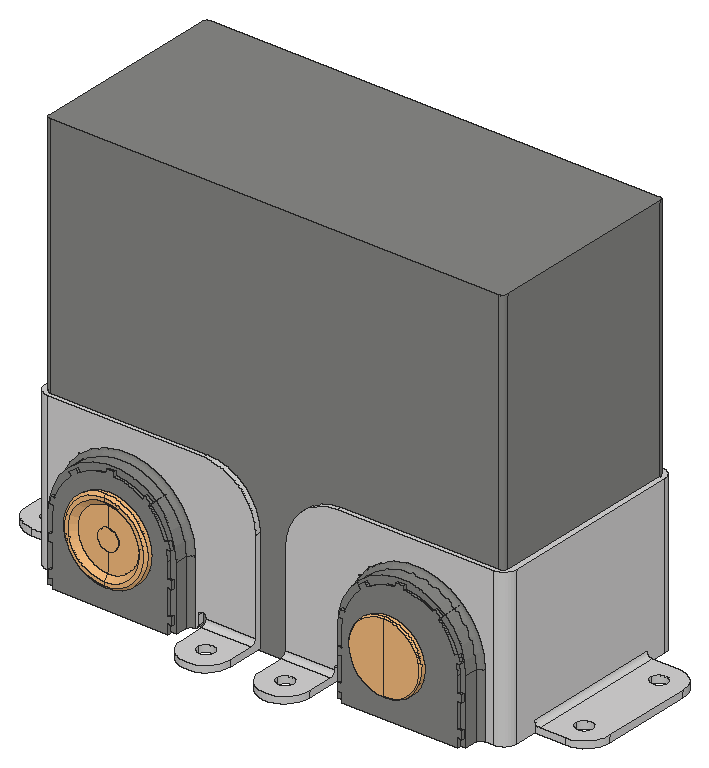
Revit family "Valve-One_Outlet_Thermostatic-KOHLER-26339W_1", category Plumbing Fixtures, host Face, Revit 2017 (continued)
Definition of nested family "26339W"
  Automatic sketch dimensions
    curve 144 to curve 145 = 0.11811"
    curve 109 to curve 110 = 0.11811"
    plane 11 to curve 30 = 0.61024"
    curve 131 to curve 94 = 0.32718"
    curve 118 to curve 118 = 0.04664"
    curve 128 to curve 126 = 0.04664"
    curve 72 to curve 71 = 0.04664"
    curve 60 to curve 62 = 0.04664"
    curve 125 to curve 124 = 0.05918"
    curve 68 to curve 67 = 0.05918"
    curve 93 to curve 206 = 0.84371"
    curve 205 to curve 207 = 0.38428"
    curve 206 to curve 201 = 0.47517"
    curve 207 to curve 202 = 0.47517"
    curve 202 to curve 202 = 1.1811"
    curve 201 to curve 203 = 1.1811"
    curve 158 to plane 8 = 0.37402"
    plane 4 to curve 158 = 0.94488"
    level to curve 38 = 0.01969"
    curve 38 to curve 81 = 0.32315"
    plane 3 "Center (Left/Right)" to curve 205 = 0.00149"
    plane 5 to curve 158 = 0.94488"
    level to curve 103 = 0.01969"
    curve 138 to curve 103 = 0.32315"
    curve 101 to curve 96 = 0.09839"
    curve 30 to curve 36 = 0.09843"
    level to curve 157 = 0.33465"
    level to curve 43 = 0.34445"
    curve 150 to curve 151 = 0.01969"
    curve 42 to curve 44 = 0.03942"
    curve 41 to curve 40 = 0.05704"
    curve 151 to curve 155 = 0.11308"
    curve 40 to curve 46 = 0.07881"
    curve 152 to curve 154 = 0.05913"
    Extrusion 1 sketch curve to plane 19 = 0.15748"  (x2)
    plane 4 to Extrusion 1 sketch curve = 0.94488"
    Extrusion 1 sketch curve to plane 19 = 0.07874"
    Extrusion 1 sketch curve to Extrusion 1 sketch curve = 0.07874"  (x2)
    plane 5 to Extrusion 1 sketch curve = 1.02362"
    plane 20 to Extrusion 1 sketch curve = 0.07874"
    plane 4 to Extrusion 2 sketch curve = 0.84646"
    level to Extrusion 2 sketch curve = 0.01969"  (x4)
    Extrusion 2 sketch curve to plane 17 = 0.54331"
    Extrusion 2 sketch curve to Extrusion 2 sketch curve = 0.05118"  (x2)
    Extrusion 2 sketch curve to Extrusion 2 sketch curve = 0.05906"  (x2)
    Extrusion 2 sketch curve to plane 17 = 0.41339"
    Extrusion 2 sketch curve to plane 3 "Center (Left/Right)" = 0.22638"
    plane 3 "Center (Left/Right)" to Extrusion 2 sketch curve = 0.22638"
    Extrusion 2 sketch curve to plane 18 = 0.37402"
    Extrusion 2 sketch curve to plane 18 = 0.41339"
    plane 5 to Extrusion 2 sketch curve = 0.84646"
    Extrusion 2 sketch curve to Extrusion 2 sketch curve = 0.14564"  (x2)
    plane 11 to Extrusion 2 sketch curve = 0.61024"
    Extrusion 2 sketch curve to Extrusion 2 sketch curve = 0"
    Sweep 3 sketch curve to profile plane = 0"  (x2)
    Sweep 3 sketch curve to profile plane = 0.19685"
    Sweep 4 sketch curve to profile plane = 0"  (x2)
    Sweep 4 sketch curve to profile plane = 0.19685"
    profile plane to Sweep 5 sketch curve = 0"
    Sweep 5 sketch curve to profile plane = 0"
    Sweep 5 sketch curve to profile plane = 0.19685"
    profile plane to Sweep 6 sketch curve = 0"
    Sweep 6 sketch curve to profile plane = 0"
    Sweep 6 sketch curve to profile plane = 0.19685"
    Extrusion 7 sketch curve to Extrusion 7 sketch curve = 0"  (x12)
    Extrusion 7 sketch curve to plane 4 = 0"
    Extrusion 7 sketch curve to plane 15 = 0"  (x2)
    plane 16 to Extrusion 7 sketch curve = 0"  (x2)
    Extrusion 7 sketch curve to plane 19 = 0"  (x2)
    Extrusion 7 sketch curve to plane 20 = 0"  (x2)
    Extrusion 7 sketch curve to plane 17 = 0"  (x2)
    Extrusion 7 sketch curve to plane 18 = 0"  (x2)
    Extrusion 7 sketch curve to plane 5 = 0"
    plane 4 to Extrusion 7 sketch curve = 0.37402"  (x2)
    Extrusion 7 sketch curve to Extrusion 7 sketch curve = 0.47244"
    Extrusion 7 sketch curve to plane 17 = 0.37401"  (x2)
    plane 3 "Center (Left/Right)" to Extrusion 7 sketch curve = 0.22639"  (x2)
    plane 15 to Extrusion 7 sketch curve = 0.35433"
    plane 5 to Extrusion 7 sketch curve = 0.84646"
    plane 5 to Extrusion 7 sketch curve = 0.37402"  (x2)
    plane 14 to Extrusion 7 sketch curve = 0.07874"  (x2)
    plane 16 to Extrusion 7 sketch curve = 0.35433"
    Extrusion 7 sketch curve to Extrusion 7 sketch curve = 0.35433"
    Extrusion 7 sketch curve to plane 15 = 0.01969"
    plane 13 to Extrusion 7 sketch curve = 0.07874"  (x2)
    level to Extrusion 8 sketch curve = 0.01969"  (x2)
    Extrusion 8 sketch curve to plane 10 "1" = 0.95968"
    plane 11 to Extrusion 8 sketch curve = 0.00264"
    plane 10 "1" to Extrusion 8 sketch curve = 0.01473"
    plane 11 to Extrusion 8 sketch curve = 0.00659"
    Extrusion 8 sketch curve to plane 18 = 0.62008"
    Extrusion 8 sketch curve to plane 9 "2" = 0.17717"
    Extrusion 9 sketch curve to Extrusion 9 sketch curve = 0"  (x66)
    Extrusion 9 sketch curve to level = 0"  (x2)
    Extrusion 9 sketch curve to plane 11 = 0"  (x3)
    Extrusion 9 sketch curve to plane 10 "1" = 0"
    plane 9 "2" to Extrusion 9 sketch curve = 0"
    Extrusion 9 sketch curve to plane 12 "A" = 0"
    Extrusion 9 sketch curve to plane 10 "1" = 0.04432"
    Extrusion 9 sketch curve to Extrusion 9 sketch curve = 0.43249"  (x3)
    Extrusion 9 sketch curve to Extrusion 9 sketch curve = 0.03644"  (x8)
    Extrusion 9 sketch curve to Extrusion 9 sketch curve = 0.09307"  (x4)
    plane 11 to Extrusion 9 sketch curve = 0.26874"  (x4)
    Extrusion 9 sketch curve to Extrusion 9 sketch curve = 0.24912"  (x3)
    plane 11 to Extrusion 9 sketch curve = 0.15414"  (x3)
    Extrusion 9 sketch curve to Extrusion 9 sketch curve = 0.02857"  (x4)
    Extrusion 9 sketch curve to Extrusion 9 sketch curve = 0.01367"
    plane 11 to Extrusion 9 sketch curve = 0.28306"  (x4)
    Extrusion 9 sketch curve to Extrusion 9 sketch curve = 0.05742"  (x3)
    Extrusion 9 sketch curve to Extrusion 9 sketch curve = 0.05906"  (x9)
    plane 10 "1" to Extrusion 9 sketch curve = 0.07379"
    Extrusion 9 sketch curve to plane 17 = 0.7185"
    plane 12 "A" to Extrusion 9 sketch curve = 0.1378"
    Extrusion 9 sketch curve to plane 18 = 0.65945"
    plane 11 to Extrusion 9 sketch curve = 0.16845"
    Extrusion 9 sketch curve to Extrusion 9 sketch curve = 0.0153"
    level to Extrusion 9 sketch curve = 1.13839"
    plane 9 "2" to Extrusion 9 sketch curve = 0.44389"
    Extrusion 9 sketch curve to plane 9 "2" = 0.11811"
    Extrusion 9 sketch curve to Extrusion 9 sketch curve = 0.11811"  (x9)
    Extrusion 9 sketch curve to Extrusion 9 sketch curve = 0.1378"  (x3)
    level to Extrusion 9 sketch curve = 0.1378"
    plane 12 "A" to Extrusion 9 sketch curve = 0.25591"  (x3)
    Extrusion 9 sketch curve to Extrusion 9 sketch curve = 0.04664"  (x4)
    Extrusion 9 sketch curve to Extrusion 9 sketch curve = 0.05918"  (x2)
    Revolve 10 sketch curve to plane 11 = 0"  (x3)
    Revolve 10 sketch curve to plane 14 = 0"
    Revolve 10 sketch curve to plane 13 = 0"
    Revolve 10 sketch curve to plane 13 = 0.07881"
    plane 11 to Revolve 10 sketch curve = 0.46454"  (x2)
    Revolve 10 sketch curve to plane 14 = 0.07881"
    Revolve 10 sketch curve to Revolve 10 sketch curve = 0.07881"  (x2)
    Revolve 10 sketch curve to Revolve 10 sketch curve = 0.05704"  (x2)
    Revolve 10 sketch curve to Revolve 10 sketch curve = 0.03942"
    Revolve 10 sketch curve to plane 19 = 0.07874"
    Revolve 10 sketch curve to Revolve 10 sketch curve = 0.17527"
    Revolve 10 sketch curve to plane 13 = 0.03942"
    plane 20 to Revolve 10 sketch curve = 0.07874"
    Revolve 10 sketch curve to plane 14 = 0.03942"
    plane 6 to Revolve 10 sketch curve = 0.19685"
    Revolve 10 sketch curve to Revolve 10 sketch curve = 0.07874"
    plane 12 "A" to Revolve 11 sketch curve = 0"  (x3)
    Revolve 11 sketch curve to plane 13 = 0.01969"
    Revolve 11 sketch curve to plane 14 = 0.01969"
    plane 11 to Revolve 11 sketch curve = 0.43307"
    Revolve 11 sketch curve to plane 14 = 0.04488"
    Revolve 11 sketch curve to Revolve 11 sketch curve = 0.01969"  (x2)
    Revolve 11 sketch curve to Revolve 11 sketch curve = 0.0252"
    plane 19 to Revolve 11 sketch curve = 0.01969"
    Revolve 11 sketch curve to plane 20 = 0.01969"
    Revolve 11 sketch curve to Revolve 11 sketch curve = 0.07382"
    Revolve 11 sketch curve to Revolve 11 sketch curve = 0"
    Sweep 12 sketch curve to profile plane = 0"
    profile plane to Sweep 12 sketch curve = 0"
    profile plane to Sweep 12 sketch curve = 0.07874"
    profile plane to Sweep 13 sketch curve = 0"
    Sweep 13 sketch curve to profile plane = 0"
    Sweep 13 sketch curve to Sweep 13 sketch curve = 0.07874"
    Sweep 14 sketch curve to profile plane = 0"
    profile plane to Sweep 14 sketch curve = 0"
    profile plane to Sweep 14 sketch curve = 0.07874"
    profile plane to Sweep 15 sketch curve = 0"
    Sweep 15 sketch curve to profile plane = 0"
    Sweep 15 sketch curve to Sweep 15 sketch curve = 0.07874"
    plane 20 to Extrusion 16 sketch curve = 0.15748"
    plane 4 to Extrusion 16 sketch curve = 0.94488"
    Extrusion 16 sketch curve to Extrusion 16 sketch curve = 0.07874"  (x2)
    plane 20 to Extrusion 16 sketch curve = 0.07874"
    Extrusion 16 sketch curve to plane 19 = 0.07874"
    plane 5 to Extrusion 16 sketch curve = 1.02362"  (x2)
    level to Extrusion 17 sketch curve = 0.11811"  (x2)
    plane 4 to Extrusion 17 sketch curve = 0.76772"
    Extrusion 17 sketch curve to Extrusion 17 sketch curve = 0.07874"  (x2)
    plane 5 to Extrusion 17 sketch curve = 0.84646"
    Extrusion 18 sketch curve to plane 20 = 0"
    Extrusion 18 sketch curve to plane 19 = 0"
    Extrusion 18 sketch curve to plane 20 = 0.07874"
    Extrusion 18 sketch curve to Extrusion 18 sketch curve = 0.07874"
    level to Extrusion 18 sketch curve = 0.11811"  (x2)
    Extrusion 19 sketch curve to plane 20 = 0"
    Extrusion 19 sketch curve to plane 19 = 0"
    Extrusion 19 sketch curve to plane 20 = 0.07874"
    Extrusion 19 sketch curve to Extrusion 19 sketch curve = 0.07874"
    level to Extrusion 19 sketch curve = 0.11811"  (x2)
    Masking region 1 sketch curve to plane 20 = 0"
    Masking region 1 sketch curve to plane 19 = 0"
    plane 20 to Masking region 1 sketch curve = 0.19685"
    Masking region 1 sketch curve to Masking region 1 sketch curve = 0.19685"  (x2)
    Masking region 1 sketch curve to plane 19 = 0.19685"
    Masking region 2 sketch curve to plane 4 = 0"
    Masking region 2 sketch curve to level = 0"
    Masking region 2 sketch curve to plane 8 = 0"
    plane 5 to Masking region 2 sketch curve = 0"
    level to Masking region 2 sketch curve = 0.11811"  (x2)
    plane 4 to Masking region 2 sketch curve = 0.76772"
    plane 4 to Masking region 2 sketch curve = 0.84646"
    level to Masking region 2 sketch curve = 0.01969"  (x2)
    Masking region 2 sketch curve to Masking region 2 sketch curve = 0.15104"
    Masking region 2 sketch curve to Masking region 2 sketch curve = 0.02612"  (x2)
    plane 4 to Masking region 2 sketch curve = 0.94488"
    plane 5 to Masking region 2 sketch curve = 0.94488"  (x2)
    Masking region 2 sketch curve to Masking region 2 sketch curve = 0.0723"
    Masking region 2 sketch curve to Masking region 2 sketch curve = 0.07874"
    plane 11 to Masking region 2 sketch curve = 1.39764"  (x2)
    Masking region 3 sketch curve to plane 8 = 0"
    Masking region 3 sketch curve to plane 19 = 0"
    Masking region 3 sketch curve to plane 20 = 0"
    Masking region 3 sketch curve to plane 13 = 0"
    Masking region 3 sketch curve to plane 14 = 0"
    Masking region 3 sketch curve to plane 6 = 0"
    Masking region 3 sketch curve to plane 7 = 0"
    Masking region 3 sketch curve to level = 0"
    plane 11 to Masking region 3 sketch curve = 1.39764"  (x2)
    plane 20 to Masking region 3 sketch curve = 0.07874"
    Masking region 3 sketch curve to Masking region 3 sketch curve = 0.33789"  (x2)
    Masking region 3 sketch curve to Masking region 3 sketch curve = 0.07874"  (x3)
    Masking region 3 sketch curve to Masking region 3 sketch curve = 0.04783"  (x2)
    Masking region 3 sketch curve to plane 13 = 0.05906"
    Masking region 3 sketch curve to Masking region 3 sketch curve = 0.27373"
    Masking region 3 sketch curve to plane 14 = 0.09843"
    Masking region 3 sketch curve to Masking region 3 sketch curve = 0.29337"
    Masking region 3 sketch curve to Masking region 3 sketch curve = 0.05906"
    Masking region 3 sketch curve to Masking region 3 sketch curve = 0.03942"
    level to Masking region 3 sketch curve = 0.38387"  (x2)
    Masking region 3 sketch curve to plane 13 = 0.01969"
    Masking region 3 sketch curve to Masking region 3 sketch curve = 0.02954"
    Masking region 3 sketch curve to plane 14 = 0.04488"
    Masking region 3 sketch curve to Masking region 3 sketch curve = 0.04922"
    Masking region 3 sketch curve to Masking region 3 sketch curve = 0.03076"
    Masking region 3 sketch curve to Masking region 3 sketch curve = 0.11811"
    level to Masking region 3 sketch curve = 0.11811"
    level to Masking region 3 sketch curve = 0.01969"  (x2)
    Masking region 3 sketch curve to plane 13 = 0.03293"
    Masking region 3 sketch curve to Masking region 3 sketch curve = 0.02612"  (x2)
    Masking region 3 sketch curve to Masking region 3 sketch curve = 0.03937"  (x2)
    Masking region 3 sketch curve to plane 19 = 0.07874"
    Masking region 3 sketch curve to Masking region 3 sketch curve = 0.05354"
    Masking region 3 sketch curve to plane 14 = 0.05906"
    Masking region 3 sketch curve to plane 14 = 0.03942"
    curve 182 to plane 20 = 0"
    curve 159 to plane 19 = 0"
    curve 179 to plane 13 = 0"
    curve 198 to plane 14 = 0"
    curve 166 to plane 1 "Center (Front/Back)" = 0"
    curve 167 to level = 0"
    curve 165 to level = 0"
    curve 184 to level = 0"
    curve 186 to level = 0"
    level to curve 185 = 0.01969"
    curve 198 to plane 14 = 0.03942"
    curve 198 to curve 183 = 0.32476"
    plane 11 to curve 163 = 1.39764"
    curve 166 to plane 13 = 0.1378"
    curve 185 to plane 14 = 0.1378"
    level to curve 199 = 0.01969"
    curve 181 to curve 165 = 0.01969"
    curve 161 to curve 162 = 0.09843"
    curve 187 to curve 199 = 0.11811"
    curve 168 to plane 13 = 0.05906"
    curve 168 to curve 181 = 0.11811"
    curve 200 to curve 188 = 0.08854"
    curve 169 to curve 168 = 0.11811"
    curve 178 to plane 13 = 0.03942"
    curve 178 to curve 169 = 0.083"
    curve 179 to curve 178 = 0.00554"
    curve 198 to curve 197 = 0.03942"
    curve 179 to curve 179 = 0.03942"
    curve 170 to curve 179 = 0.24605"
    curve 189 to plane 14 = 0.09843"
    plane 12 "A" to curve 189 = 0.25591"
    curve 190 to curve 189 = 0.11811"
    curve 171 to curve 170 = 0.11811"
    plane 11 to curve 191 = 0.15414"
    plane 11 to curve 172 = 0.15414"
    curve 192 to curve 191 = 0.01432"
    curve 173 to curve 172 = 0.01432"
    curve 174 to curve 173 = 0.1146"
    curve 193 to curve 192 = 0.1146"
    curve 197 to curve 193 = 0.35675"
    curve 178 to curve 174 = 0.35675"
    curve 175 to curve 178 = 0.01255"
    curve 194 to curve 197 = 0.01255"
    curve 195 to curve 194 = 0.04664"
    curve 176 to curve 175 = 0.04664"
    curve 177 to curve 176 = 0.07272"
    curve 196 to curve 195 = 0.07272"
    curve 184 to curve 196 = 0.16146"
    curve 165 to curve 177 = 0.16146"
    curve 164 to curve 165 = 0.04783"
    curve 183 to curve 184 = 0.04783"
    curve 180 to plane 19 = 0.07874"
    curve 180 to plane 8 = 0.26084"
    plane 13 to curve 181 = 0.12123"
    curve 167 to plane 19 = 0.05063"
    curve 167 to curve 167 = 0.02811"
    plane 15 to curve 160 = 0.35433"
    plane 16 to curve 162 = 0.35433"
    plane 20 to curve 186 = 0.07874"
    plane 20 to curve 180 = 0.07874"
    curve 186 to curve 186 = 0.02811"
    plane 14 to curve 199 = 0.12123"
    Extrusion 20 sketch curve to plane 19 = 0.07874"
    plane 4 to Extrusion 20 sketch curve = 0.94488"
    plane 20 to Extrusion 20 sketch curve = 0.07874"
    plane 5 to Extrusion 20 sketch curve = 0.94488"
    Extrusion 21 sketch curve to level = 0"  (x2)
    Extrusion 21 sketch curve to plane 10 "1" = 0.86125"
    plane 11 to Extrusion 21 sketch curve = 0.00545"  (x2)
    plane 10 "1" to Extrusion 21 sketch curve = 0.01473"
    plane 9 "2" to Extrusion 21 sketch curve = 0.69882"
    Extrusion 21 sketch curve to plane 9 "2" = 0.17717"
    Extrusion 22 sketch curve to plane 20 = 0"  (x2)
    Extrusion 22 sketch curve to plane 19 = 0"  (x2)
    plane 4 to Extrusion 22 sketch curve = 0.84646"
    Extrusion 22 sketch curve to Extrusion 22 sketch curve = 0.09843"  (x2)
    Extrusion 22 sketch curve to plane 19 = 0.07874"  (x2)
    Extrusion 22 sketch curve to plane 3 "Center (Left/Right)" = 0.22638"  (x2)
    plane 3 "Center (Left/Right)" to Extrusion 22 sketch curve = 0.22638"  (x2)
    plane 5 to Extrusion 22 sketch curve = 0.94488"
    plane 20 to Extrusion 22 sketch curve = 0.07874"  (x2)
    Extrusion 23 sketch curve to Extrusion 23 sketch curve = 0"  (x16)
    Extrusion 23 sketch curve to plane 4 = 0"
    plane 16 to Extrusion 23 sketch curve = 0"  (x2)
    Extrusion 23 sketch curve to plane 15 = 0"  (x2)
    Extrusion 23 sketch curve to plane 6 = 0"  (x2)
    Extrusion 23 sketch curve to plane 19 = 0"  (x2)
    Extrusion 23 sketch curve to plane 20 = 0"  (x2)
    plane 7 to Extrusion 23 sketch curve = 0"  (x2)
    Extrusion 23 sketch curve to plane 17 = 0"  (x2)
    Extrusion 23 sketch curve to plane 18 = 0"  (x2)
    Extrusion 23 sketch curve to plane 5 = 0"
    plane 4 to Extrusion 23 sketch curve = 0.37402"  (x2)
    Extrusion 23 sketch curve to Extrusion 23 sketch curve = 0.47244"
    Extrusion 23 sketch curve to plane 17 = 0.37402"  (x2)
    Extrusion 23 sketch curve to plane 3 "Center (Left/Right)" = 0.22638"  (x2)
    plane 3 "Center (Left/Right)" to Extrusion 23 sketch curve = 0.22638"  (x2)
    Extrusion 23 sketch curve to plane 18 = 0.37401"  (x2)
    plane 16 to Extrusion 23 sketch curve = 0.35433"  (x2)
    Extrusion 23 sketch curve to Extrusion 23 sketch curve = 0.84646"
    plane 5 to Extrusion 23 sketch curve = 0.37402"  (x2)
    plane 14 to Extrusion 23 sketch curve = 0.07874"  (x2)
    plane 15 to Extrusion 23 sketch curve = 0.35433"  (x2)
    plane 13 to Extrusion 23 sketch curve = 0.07874"  (x2)
    Extrusion 23 sketch curve to Extrusion 23 sketch curve = 0.12598"  (x5)
    Extrusion 23 sketch curve to plane 17 = 0.12598"
    plane 18 to Extrusion 23 sketch curve = 0.12598"  (x2)
    Extrusion 24 sketch curve to plane 10 "1" = 0"
    Extrusion 24 sketch curve to plane 11 = 0"
    Extrusion 25 sketch curve to plane 10 "1" = 0"
    plane 9 "2" to Extrusion 25 sketch curve = 0"
    Extrusion 25 sketch curve to plane 12 "A" = 0"
    Extrusion 25 sketch curve to plane 11 = 0"
    Revolve 26 sketch curve to curve 208 = 0"
    Revolve 26 sketch curve to Revolve 26 sketch curve = 0.08362"
    curve 208 to Revolve 26 sketch curve = 0.11811"
    Revolve 26 sketch curve to Revolve 26 sketch curve = 0.26581"
    plane 11 to Revolve 11 sketch curve = 0.45276"
    Masking region 1 sketch curve to Masking region 1 sketch curve = 1.32741"
    plane 3 "Center (Left/Right)" to Masking region 1 sketch curve = 0.06398"
    Masking region 1 sketch curve to Masking region 1 sketch curve = 1.31416"
    plane 4 to Masking region 1 sketch curve = 0.84646"
    plane 5 to Masking region 1 sketch curve = 1.04331"
    curve 23 to plane 19 = 0"
    curve 24 to plane 19 = 0"
    curve 26 to plane 20 = 0"
    plane 20 to curve 19 = 0.15748"
    plane 4 to curve 19 = 0.94488"
    plane 20 to curve 20 = 0.07874"
    curve 18 to curve 18 = 0.07874"
    plane 5 to curve 20 = 1.02362"
    curve 17 to plane 19 = 0.07874"
    plane 5 to curve 17 = 1.02362"
    curve 22 to curve 21 = 0.07874"
    curve 27 to curve 18 = 0.09843"
    curve 18 to curve 23 = 0.01969"
    curve 23 to plane 3 "Center (Left/Right)" = 0.22638"
    plane 3 "Center (Left/Right)" to curve 24 = 0.22638"
    plane 3 "Center (Left/Right)" to curve 26 = 0.22638"
    curve 26 to curve 210 = 0.01969"
    curve 24 to curve 22 = 0.01969"
    curve 22 to curve 25 = 0.09843"
    curve 19 to curve 27 = 0.03937"
    curve 21 to curve 25 = 0.03937"
    curve 27 to curve 18 = 0.03937"
    curve 25 to curve 22 = 0.03937"
    curve 208 to plane 9 "2" = 0"
    radius of Extrusion 7 sketch curve = 0.12598"  (x8)
    radius of Extrusion 9 sketch curve = 0.54335"
    radius of Extrusion 9 sketch curve = 0.41841"
    radius of Extrusion 24 sketch curve = 0.15748"
    radius of Extrusion 25 sketch curve = 0.63981"
    radius of Extrusion 25 sketch curve = 0.55118"
